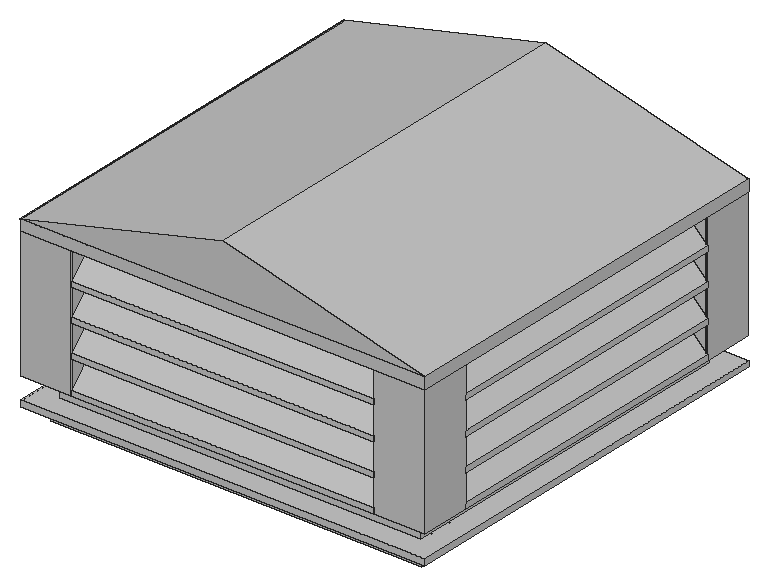
Revit family "Louver-Penthouse-Carnes-Post_Corner-PLAB", category Air Terminals, Revit 2012
Parameters (values of type "(See Type Catalog)")
  ecoScorecard_data = ""
  ecoScorecard Product Page = "http://ecoscorecard.com/"
  URL = "http://www.carnes.com/index.html"
  Subcategory = "Louvers and Dampers"
  Specifications  URL = "http://www.carnes.com/Louvers/pdf/17135.pdf"
  Single Blade Visibility = Louver Height = 10"  # no
  Roof Pitch = if([1 In 12 Pitched Roof], 4.76°, 14.04°)  # 14.04°
  Rectangular Length = no
  Product Page URL = "http://www.carnes.com/Louvers/PMAB-PLAB.htm"
  Product Line = "Extruded Aluminum Penthouses"
  Pressure Drop = 0.00 Pa
  Pitched Roof Visibility = or([1 In 12 Pitched Roof], [3 in 12 Pitched Roof])  # yes
  Outside Width [instance] = Louver Width + (1 1/2" * 2) + (3 1/4" * 2)  # 57 1/2"
  Outside Length [instance] = Length Control + (1 1/2" * 2) + (3 1/4" * 2)  # 57 1/2"
  Multiple Blades Visibility = Louver Height > 10"  # yes
  Model = "PLAB"
  Minimum Size = "12\"W x 12\"L x 10\"H"
  Meets Building Code Standards = "See Catalog URL"
  Maximum Size Note = "72\"W x 220\"L x 80\"H, unlimited size with multiple section assembly."
  Manufacturer Phone = "608-845-6411"
  Manufacturer Fax = "608-845-6470"
  Manufacturer Email = "mailto:carnes@carnes.com"
  Manufacturer Address = "448 S. Main St., P. O. Box 930040, Verona, WI 53593-0040"
  Manufacturer = "Carnes Company"
  Louver Width = 48"
  Louver Length = if(Rectangular Length, Custom Length, Louver Width)  # 48"
  Louver Height = 24"
  Height Note = "User should verify available heights in Spec Sheet URL"
  Free Area Note = "See Spec Sheet URL"
  Free Area = 0.00 SF
  Frame Material = Aluminum - Carnes - Extruded
  Flat Roof = no
  Description = "Extruded Aluminum Penthouses"
  Length Control = if(Rectangular Length, Custom Length, Louver Length)  # 48"
  Custom Length = 220"
  Cost Info = "mailto:carnes@carnes.com"
  Corners Covers Height = if(Louver Height - 1 1/2" - (Blades Quantity * 4 5/8") < 7/8", (Blades Quantity * 4 5/8" - 4 5/8"), (Blades Quantity * 4 5/8"))  # 18 1/2"
  Connector Description 1 = "Duct Connection 1"
  Catalog URL = "http://www.carnes.com/Louvers/pdf/f61-64.pdf"
  Blades Width = Louver Width + (1 1/2" * 2)  # 51"
  Blades Quantity Control = if(Louver Height = 10", 2, if(Louver Height - 1 1/2" - (Blades Quantity * 4 5/8") < 7/8", Blades Quantity - 1, Blades Quantity))  # 4
  Blades Quantity = (Louver Height - 1 1/2") / 4 5/8"  # 5
  Blades Length = Length Control + (1 1/2" * 2)  # 51"
  Blade Material = Aluminum - Carnes - Extruded
  Assembly Code = "D3090700"
  95 CSI = "10200"
  3 in 12 Pitched Roof = yes
  1 In 12 Pitched Roof = no
  04 CSI = "08 91 00"
Reference planes (in)
  plane 1 "Center (Front/Back)": y = 0
  plane 2: z = 0
  plane 3 "Center (Left/Right)": x = 0
  plane 4 "Right": x = 24
  plane 5: y = 24
  plane 6: z = 22.5
  plane 7 "Left": x = -24
  plane 8: y = -24
  plane 9: x = -25.5
  plane 10: x = 25.5
  plane 11: x = -28.75
  plane 12: x = 28.75
  plane 13: y = 25.5
  plane 14: y = -25.5
  plane 15: y = 28.75
  plane 16: y = -28.75
  plane 17: z = 24
Forms (in)
  Sweep 1, solid, material "Aluminum - Carnes - Extruded" <- "Frame Material"
    path origin (0, 0, 0) x (1, 0, 0) y (0, 1, 0)
      loop
        line (-24, 24) -> (-24, -24) -> (24, -24) -> (24, 24) -> (-24, 24)
    profile origin (24, 0, 0) x (1, 0, 0) y (0, 0, 1)
      loop
        line (0, 22.5) -> (0, 0) -> (2.25, 0) -> (2.25, -2) -> (2.375, -2) -> (2.375, 0.125) -> (1.75, 0.125) -> (1.75, 0.75) -> (4.625, 0.75) -> (4.625, 0) -> (4.75, 0) -> (4.75, 0.875) -> (1.625, 0.875) -> (1.625, 22.375) -> (4.75, 22.375) -> (4.75, 24) -> (4.625, 24) -> (4.625, 22.5) -> (0, 22.5)
  Sweep 2, solid, material "Aluminum - Carnes - Extruded" <- "Frame Material", visible <- "Pitched Roof Visibility"
    path origin (0, 0, 0) x (1, 0, 0) y (0, 1, 0)
      loop
        line (0, -28.75) -> (0, 28.75)
    profile origin (0, 0, 0) x (-1, 0, 0) y (0, 0, 1)
      loop
        line (28.75, 24) -> (0, 31.1895) -> (-28.75, 24) -> (28.75, 24)
  Sweep 3, solid, material "Aluminum - Carnes - Extruded" <- "Frame Material", visible <- "Flat Roof"
    path origin (0, 0, 0) x (1, 0, 0) y (0, 0, 1)
      loop
        line (0, 22.5) -> (0, 24)
    profile origin (0, 0, 23.25) x (-1, 0, 0) y (0, -1, 0)
      loop
        line (28.625, -28.625) -> (28.625, 28.625) -> (-28.625, 28.625) -> (-28.625, -28.625) -> (28.625, -28.625)
  Sweep 4, solid, material "Aluminum - Carnes - Extruded"
    path origin (0, 0, 0) x (1, 0, 0) y (0, 0, 1)
      loop
        line (0, 22.375) -> (0, 4)
    profile origin (0, 0, 13.1875) x (0, -1, 0) y (1, 0, 0)
      loop
        line (28.75, -28.75) -> (28.75, -21.5) -> (28.625, -21.5) -> (28.625, -28.625) -> (21.5, -28.625) -> (21.5, -28.75) -> (28.75, -28.75)
      loop
        line (-28.75, -28.75) -> (-21.5, -28.75) -> (-21.5, -28.625) -> (-28.625, -28.625) -> (-28.625, -21.5) -> (-28.75, -21.5) -> (-28.75, -28.75)
      loop
        line (-28.75, 28.75) -> (-28.75, 21.5) -> (-28.625, 21.5) -> (-28.625, 28.625) -> (-21.5, 28.625) -> (-21.5, 28.75) -> (-28.75, 28.75)
      loop
        line (28.75, 28.75) -> (21.5, 28.75) -> (21.5, 28.625) -> (28.625, 28.625) -> (28.625, 21.5) -> (28.75, 21.5) -> (28.75, 28.75)
      loop
        line (-21.5, -21.5) -> (-28.5, -21.5) -> (-28.5, -21.625) -> (-21.625, -21.625) -> (-21.625, -28.5) -> (-21.5, -28.5) -> (-21.5, -21.5)
      loop
        line (-21.5, 21.5) -> (-21.5, 28.5) -> (-21.625, 28.5) -> (-21.625, 21.625) -> (-28.5, 21.625) -> (-28.5, 21.5) -> (-21.5, 21.5)
      loop
        line (21.5, 21.5) -> (28.5, 21.5) -> (28.5, 21.625) -> (21.625, 21.625) -> (21.625, 28.5) -> (21.5, 28.5) -> (21.5, 21.5)
      loop
        line (21.5, -21.5) -> (21.5, -28.5) -> (21.625, -28.5) -> (21.625, -21.625) -> (28.5, -21.625) -> (28.5, -21.5) -> (21.5, -21.5)
Lines and regions (in)
  Masking region 1
    outline origin (0, 0, 0) x (1, 0, 0) y (0, 1, 0)
      loop
        line (-28.75, 28.75) -> (-28.75, -28.75) -> (28.75, -28.75) -> (28.75, 28.75) -> (-28.75, 28.75)
  reference lines
    curve 1: line (-28.75, 0, 24) -> (-7.33248, 0, 29.35587)
    curve 2: line (28.75, 0, 24) -> (7.33248, 0, 29.35587)
  symbolic lines, style "DuctAccessory", visible <- "Pitched Roof Visibility"
    curve 3: line (0, 28.75, 0) -> (0, -28.75, 0)
Dimensions and locks (in)
  equal spacing: plane 7 "Left", plane 3 "Center (Left/Right)", plane 4 "Right"
  "Louver Width": plane 7 "Left" to plane 4 "Right"
  equal spacing: plane 5, plane 1 "Center (Front/Back)", plane 8
  "Length Control": plane 5 to plane 8
  locked: plane 9 to plane 7 "Left" at 1.5
  locked: plane 4 "Right" to plane 10 at 1.5
  plane 13 to plane 5 = 1 1/2"
  plane 14 to plane 8 = 1 1/2"
  locked: plane 10 to Sweep 1 sketch curve at 0.125
  locked: plane 6 to Sweep 1 sketch curve at 0.125
  locked: Sweep 1 sketch curve to plane 12 at 0.125
  locked: plane 17 to plane 6 at 1.5
  "Louver Height": plane 17 to plane 2
  plane 4 "Right" to Sweep 1 sketch curve to Sweep 1 sketch curve = 2 1/4" locked, 1/8" locked
  Sweep 1 sketch curve to Sweep 1 sketch curve to plane 2 = 1/8" locked, 3/4" locked
  locked: plane 12 to Sweep 1 sketch curve at 0.125
  equal spacing: group 1, group 2, group 3, group 4  (x2)
  equal spacing: group 4, group 3, group 2, group 1
  locked: nested 1 to nested 2 at 4.625
  locked: Sweep 3 sketch curve to plane 16 at 0.125
  locked: Sweep 3 sketch curve to plane 12 at 0.125
  locked: plane 11 to Sweep 3 sketch curve at 0.125
  locked: plane 15 to Sweep 3 sketch curve at 0.125
  equal spacing: plane 11, plane 3 "Center (Left/Right)", plane 12
  "Outside Width": plane 11 to plane 12
  equal spacing: plane 15, plane 1 "Center (Front/Back)", plane 16
  "Outside Length": plane 15 to plane 16
  "Corners Covers Height": plane 6 to Sweep 4 sketch curve
  locked: plane 6 to Sweep 4 sketch curve at 0.125
  "Roof Pitch": angle plane 17 to curve 1
  "Roof Pitch": angle curve 2 to plane 17
  aligned and locked: Sweep 1 sketch curve to plane 7 "Left"
  aligned and locked: Sweep 1 sketch curve to plane 4 "Right"  (x2)
  aligned and locked: Sweep 1 sketch curve to plane 5
  aligned and locked: Sweep 1 sketch curve to plane 8
  aligned and locked: plane 2 to Sweep 1 sketch curve
  aligned and locked: Sweep 1 sketch curve to plane 6
  aligned and locked: plane 12 to Sweep 1 sketch curve  (x2)
  aligned and locked: Sweep 1 sketch curve to plane 2
  aligned and locked: Sweep 1 sketch curve to plane 17
  aligned and locked: plane 1 "Center (Front/Back)" to nested 1
  aligned and locked: nested 1 to plane 3 "Center (Left/Right)"
  aligned and locked: plane 6 to nested 1
  aligned and locked: plane 15 to Sweep 2 sketch curve
  aligned and locked: plane 16 to Sweep 2 sketch curve
  aligned and locked: Sweep 2 sketch curve to plane 3 "Center (Left/Right)"
  aligned and locked: Sweep 2 sketch curve to plane 17
  aligned and locked: plane 12 to Sweep 2 sketch curve
  aligned and locked: plane 6 to Sweep 3 sketch curve
  aligned and locked: plane 17 to Sweep 3 sketch curve
  aligned and locked: plane 3 "Center (Left/Right)" to Sweep 3 sketch curve
  aligned and locked: plane 11 to curve 1
  aligned and locked: plane 17 to curve 1
  aligned and locked: plane 12 to curve 2
  aligned and locked: curve 2 to plane 17
  aligned and locked: Sweep 2 sketch curve to curve 2
  aligned and locked: Sweep 2 sketch curve to curve 1
  aligned and locked: plane 11 to Masking region 1 sketch curve
  aligned and locked: Masking region 1 sketch curve to plane 12
  aligned and locked: plane 15 to curve 3
  aligned and locked: plane 16 to curve 3
  aligned and locked: curve 3 to plane 3 "Center (Left/Right)"
  aligned and locked: Sweep 4 sketch curve to plane 3 "Center (Left/Right)"
  aligned and locked: plane 1 "Center (Front/Back)" to nested 3
  aligned and locked: nested 3 to plane 3 "Center (Left/Right)"
  aligned and locked: plane 6 to nested 3
Automatic sketch dimensions
  Sweep 1 sketch curve to Sweep 1 sketch curve = 1/8"
  Sweep 1 sketch curve to level = 2"
  level to Sweep 1 sketch curve = 1/8"
  Masking region 1 sketch curve to plane 16 = 0"
  plane 15 to Masking region 1 sketch curve = 0"
  Sweep 4 sketch curve to plane 1 "Center (Front/Back)" = 28 3/4"  (x2)
  Sweep 4 sketch curve to Sweep 4 sketch curve = 1/8"  (x23)
  Sweep 4 sketch curve to Sweep 4 sketch curve = 6 7/8"  (x6)
  Sweep 4 sketch curve to Sweep 4 sketch curve = 0"  (x7)
  plane 1 "Center (Front/Back)" to Sweep 4 sketch curve = 21 1/2"  (x2)
  Sweep 4 sketch curve to Sweep 4 sketch curve = 7"  (x4)
  profile plane to Sweep 4 sketch curve = 28 3/4"  (x2)
  Sweep 4 sketch curve to profile plane = 21 1/2"  (x2)
Nested families (in)
  nested 1: "Louver-Penthouse-Carnes-Blade-Post_Corner.rfa" at (0, -0.375, 20.1875), visible <- "Multiple Blades Visibility", type "Standard"
  nested 2: "Louver-Penthouse-Carnes-Blade-Post_Corner.rfa" at (0, -0.375, 15.5625), visible <- "Multiple Blades Visibility", type "Standard"
  nested 3: "Louver-Penthouse-Carnes-Blade-Post_Corner.rfa" at (0, -0.375, 20.1875), type "Standard"
  nested 4: "Louver-Penthouse-Carnes-Blade-Post_Corner.rfa" at (0, -0.375, 10.9375), visible <- "Multiple Blades Visibility", type "Standard"
  nested 5: "Louver-Penthouse-Carnes-Blade-Post_Corner.rfa" at (0, -0.375, 6.3125), visible <- "Multiple Blades Visibility", type "Standard"
Connectors (in)
  hvac at (0, 0, 0), driven by "Length Control", driven by "Louver Width"
    settings: on Sweep 1, index 1, duct flow 0 CFM, flow factor 0, pres drop 0.00 Pa, loss coef 0, conn angle 0.00°, conn width 48", conn height 48", conn radius 12", duct sys type 1, conn prof type 1, flow config 0, flow direction 0, loss method 0, conn ref index -1, conn util no, is conn primary yes, conn desc ""
Definition of nested family "Louver-Penthouse-Carnes-Blade-Post_Corner.rfa"
  Parameters (values of type "Standard")
    Width = 51"
    Blade Material = Aluminum - Carnes - Extruded
    Length = 51"
    Assembly Code = ""
  Reference planes (in)
    plane 1 "Center (Front/Back)": y = 0.375
    plane 2: z = 0
    plane 3 "Center (Left/Right)": x = 0
    plane 4: y = 25.875
    plane 5: y = -25.125
    plane 6: z = 2.3125
    plane 7: z = -2.3125
    plane 8: x = -25.5
    plane 9: x = 25.5
  Forms (in)
    Sweep 1, solid, material "Aluminum - Carnes - Extruded" <- "Blade Material"
      path origin (0, 0, 0) x (1, 0, 0) y (0, 1, 0)
        loop
          line (-25.5, 25.875) -> (-25.5, -25.125) -> (25.5, -25.125) -> (25.5, 25.875) -> (-25.5, 25.875)
      profile origin (0, 25.875, 0) x (0, 1, 0) y (0, 0, 1)
        loop
          line (0, 2.3125) -> (0, 1.53125) -> (3.125, -1.59375) -> (3.125, -2.3125) -> (3.25, -2.3125) -> (3.25, -1.54197) -> (0.125, 1.58303) -> (0.125, 2.3125) -> (0, 2.3125)
    Sweep 2, void
      path origin (0, 0.375, 0) x (1, 0, 0) y (0, 0, 1)
        loop
          line (0, 8.6875) -> (0, -8.6875)
      profile origin (0, 0.375, 0) x (0, -1, 0) y (1, 0, 0)
        loop
          line (-29.5, -29.5) -> (-21.5, -29.5) -> (-21.5, -21.5) -> (-29.5, -21.5) -> (-29.5, -29.5)
        loop
          line (-29.5, 29.5) -> (-29.5, 21.5) -> (-21.5, 21.5) -> (-21.5, 29.5) -> (-29.5, 29.5)
        loop
          line (29.5, -29.5) -> (29.5, -21.5) -> (21.5, -21.5) -> (21.5, -29.5) -> (29.5, -29.5)
        loop
          line (29.5, 29.5) -> (21.5, 29.5) -> (21.5, 21.5) -> (29.5, 21.5) -> (29.5, 29.5)
  Cuts and joins
    Sweep 2 cuts Sweep 1
  Dimensions and locks (in)
    equal spacing: plane 7, plane 2, plane 6
    equal spacing: plane 8, plane 3 "Center (Left/Right)", plane 9
    "Width": plane 8 to plane 9
    equal spacing: plane 4, plane 1 "Center (Front/Back)", plane 5
    "Length": plane 4 to plane 5
    locked: plane 6 to plane 7 at 4.625
    Sweep 1 sketch curve to Sweep 1 sketch curve to plane 4 = 1/8" locked, 3 1/8" locked
    locked: Sweep 1 sketch curve to plane 4 at 0.125
    locked: Sweep 1 sketch curve to Sweep 1 sketch curve at 0.125
    equal spacing: Sweep 2 sketch curve, plane 2, Sweep 2 sketch curve, locked at 8.6875 each
    Sweep 2 sketch curve to plane 8 to Sweep 2 sketch curve = 4" locked, 4" locked  (x2)
    Sweep 2 sketch curve to plane 4 to Sweep 2 sketch curve = 4" locked, 4" locked  (x2)
    Sweep 2 sketch curve to plane 9 to Sweep 2 sketch curve = 4" locked, 4" locked  (x2)
    Sweep 2 sketch curve to plane 5 to Sweep 2 sketch curve = 4" locked, 4" locked  (x2)
    aligned and locked: plane 8 to Sweep 1 sketch curve
    aligned and locked: plane 4 to Sweep 1 sketch curve
    aligned and locked: Sweep 1 sketch curve to plane 9
    aligned and locked: plane 5 to Sweep 1 sketch curve
    aligned and locked: Sweep 1 sketch curve to plane 4
    aligned and locked: Sweep 1 sketch curve to plane 6
    aligned and locked: Sweep 1 sketch curve to plane 7
    aligned and locked: Sweep 2 sketch curve to plane 3 "Center (Left/Right)"
  Automatic sketch dimensions
    Sweep 1 sketch curve to Sweep 1 sketch curve = 0.05178"
    Sweep 1 sketch curve to Sweep 1 sketch curve = 23/32"
    plane 7 to Sweep 2 sketch curve = 6 3/8"
Types in the file's own list only (361): name | Louver Width | Louver Length | Louver Height | Free Area | Length Control | Corners Covers Height | Blades Width | Blades Quantity Control | Blades Quantity | Blades Length
  12 W x 12 H | 12" | 12" | 12" | 0.19 SF | 12" | 9 1/4" | 15" | 2 | 2 | 15"
  12 W x 18 H | 12" | 12" | 18" | 0.50 SF | 12" | 13 7/8" | 15" | 3 | 4 | 15"
  12 W x 24 H | 12" | 12" | 24" | 0.77 SF | 12" | 18 1/2" | 15" | 4 | 5 | 15"
  12 W x 30 H | 12" | 12" | 30" | 0.96 SF | 12" | 23 1/8" | 15" | 5 | 6 | 15"
  12 W x 36 H | 12" | 12" | 36" | 1.15 SF | 12" | 32 3/8" | 15" | 7 | 7 | 15"
  12 W x 42 H | 12" | 12" | 42" | 1.43 SF | 12" | 37" | 15" | 8 | 9 | 15"
  12 W x 48 H | 12" | 12" | 48" | 1.61 SF | 12" | 41 5/8" | 15" | 9 | 10 | 15"
  12 W x 54 H | 12" | 12" | 54" | 1.92 SF | 12" | 50 7/8" | 15" | 11 | 11 | 15"
  12 W x 60 H | 12" | 12" | 60" | 2.11 SF | 12" | 55 1/2" | 15" | 12 | 13 | 15"
  12 W x 66 H | 12" | 12" | 66" | 2.35 SF | 12" | 60 1/8" | 15" | 13 | 14 | 15"
  12 W x 72 H | 12" | 12" | 72" | 2.81 SF | 12" | 69 3/8" | 15" | 15 | 15 | 15"
  12 W x 78 H | 12" | 12" | 78" | 2.88 SF | 12" | 74" | 15" | 16 | 17 | 15"
  12 W x 84 H | 12" | 12" | 84" | 3.07 SF | 12" | 78 5/8" | 15" | 17 | 18 | 15"
  12 W x 90 H | 12" | 12" | 90" | 3.28 SF | 12" | 83 1/4" | 15" | 18 | 19 | 15"
  12 W x 96 H | 12" | 12" | 96" | 3.55 SF | 12" | 92 1/2" | 15" | 20 | 20 | 15"
  12 W x 102 H | 12" | 12" | 102" | 3.82 SF | 12" | 97 1/8" | 15" | 21 | 22 | 15"
  12 W x 108 H | 12" | 12" | 108" | 3.96 SF | 12" | 101 3/4" | 15" | 22 | 23 | 15"
  12 W x 114 H | 12" | 12" | 114" | 4.24 SF | 12" | 111" | 15" | 24 | 24 | 15"
  12 W x 120 H | 12" | 12" | 120" | 4.28 SF | 12" | 115 5/8" | 15" | 25 | 26 | 15"
  18 W x 12 H | 18" | 18" | 12" | 0.31 SF | 18" | 9 1/4" | 21" | 2 | 2 | 21"
  18 W x 18 H | 18" | 18" | 18" | 0.80 SF | 18" | 13 7/8" | 21" | 3 | 4 | 21"
  18 W x 24 H | 18" | 18" | 24" | 1.23 SF | 18" | 18 1/2" | 21" | 4 | 5 | 21"
  18 W x 30 H | 18" | 18" | 30" | 1.54 SF | 18" | 23 1/8" | 21" | 5 | 6 | 21"
  18 W x 36 H | 18" | 18" | 36" | 1.85 SF | 18" | 32 3/8" | 21" | 7 | 7 | 21"
  18 W x 42 H | 18" | 18" | 42" | 2.29 SF | 18" | 37" | 21" | 8 | 9 | 21"
  18 W x 48 H | 18" | 18" | 48" | 2.59 SF | 18" | 41 5/8" | 21" | 9 | 10 | 21"
  18 W x 54 H | 18" | 18" | 54" | 3.09 SF | 18" | 50 7/8" | 21" | 11 | 11 | 21"
  18 W x 60 H | 18" | 18" | 60" | 3.40 SF | 18" | 55 1/2" | 21" | 12 | 13 | 21"
  18 W x 66 H | 18" | 18" | 66" | 3.78 SF | 18" | 60 1/8" | 21" | 13 | 14 | 21"
  18 W x 72 H | 18" | 18" | 72" | 4.52 SF | 18" | 69 3/8" | 21" | 15 | 15 | 21"
  18 W x 78 H | 18" | 18" | 78" | 4.63 SF | 18" | 74" | 21" | 16 | 17 | 21"
  18 W x 84 H | 18" | 18" | 84" | 4.94 SF | 18" | 78 5/8" | 21" | 17 | 18 | 21"
  18 W x 90 H | 18" | 18" | 90" | 5.27 SF | 18" | 83 1/4" | 21" | 18 | 19 | 21"
  18 W x 96 H | 18" | 18" | 96" | 5.70 SF | 18" | 92 1/2" | 21" | 20 | 20 | 21"
  18 W x 102 H | 18" | 18" | 102" | 6.13 SF | 18" | 97 1/8" | 21" | 21 | 22 | 21"
  18 W x 108 H | 18" | 18" | 108" | 6.37 SF | 18" | 101 3/4" | 21" | 22 | 23 | 21"
  18 W x 114 H | 18" | 18" | 114" | 6.81 SF | 18" | 111" | 21" | 24 | 24 | 21"
  18 W x 120 H | 18" | 18" | 120" | 6.89 SF | 18" | 115 5/8" | 21" | 25 | 26 | 21"
  24 W x 12 H | 24" | 24" | 12" | 0.43 SF | 24" | 9 1/4" | 27" | 2 | 2 | 27"
  24 W x 18 H | 24" | 24" | 18" | 1.10 SF | 24" | 13 7/8" | 27" | 3 | 4 | 27"
  24 W x 24 H | 24" | 24" | 24" | 1.70 SF | 24" | 18 1/2" | 27" | 4 | 5 | 27"
  24 W x 30 H | 24" | 24" | 30" | 2.13 SF | 24" | 23 1/8" | 27" | 5 | 6 | 27"
  24 W x 36 H | 24" | 24" | 36" | 2.55 SF | 24" | 32 3/8" | 27" | 7 | 7 | 27"
  24 W x 42 H | 24" | 24" | 42" | 3.16 SF | 24" | 37" | 27" | 8 | 9 | 27"
  24 W x 48 H | 24" | 24" | 48" | 3.57 SF | 24" | 41 5/8" | 27" | 9 | 10 | 27"
  24 W x 54 H | 24" | 24" | 54" | 4.26 SF | 24" | 50 7/8" | 27" | 11 | 11 | 27"
  24 W x 60 H | 24" | 24" | 60" | 4.68 SF | 24" | 55 1/2" | 27" | 12 | 13 | 27"
  24 W x 66 H | 24" | 24" | 66" | 5.21 SF | 24" | 60 1/8" | 27" | 13 | 14 | 27"
  24 W x 72 H | 24" | 24" | 72" | 6.23 SF | 24" | 69 3/8" | 27" | 15 | 15 | 27"
  24 W x 78 H | 24" | 24" | 78" | 6.39 SF | 24" | 74" | 27" | 16 | 17 | 27"
  24 W x 84 H | 24" | 24" | 84" | 6.81 SF | 24" | 78 5/8" | 27" | 17 | 18 | 27"
  24 W x 90 H | 24" | 24" | 90" | 7.27 SF | 24" | 83 1/4" | 27" | 18 | 19 | 27"
  24 W x 96 H | 24" | 24" | 96" | 7.86 SF | 24" | 92 1/2" | 27" | 20 | 20 | 27"
  24 W x 102 H | 24" | 24" | 102" | 8.45 SF | 24" | 97 1/8" | 27" | 21 | 22 | 27"
  24 W x 108 H | 24" | 24" | 108" | 8.78 SF | 24" | 101 3/4" | 27" | 22 | 23 | 27"
  24 W x 114 H | 24" | 24" | 114" | 9.38 SF | 24" | 111" | 27" | 24 | 24 | 27"
  24 W x 120 H | 24" | 24" | 120" | 9.49 SF | 24" | 115 5/8" | 27" | 25 | 26 | 27"
  30 W x 12 H | 30" | 30" | 12" | 0.54 SF | 30" | 9 1/4" | 33" | 2 | 2 | 33"
  30 W x 18 H | 30" | 30" | 18" | 1.41 SF | 30" | 13 7/8" | 33" | 3 | 4 | 33"
  30 W x 24 H | 30" | 30" | 24" | 2.16 SF | 30" | 18 1/2" | 33" | 4 | 5 | 33"
  30 W x 30 H | 30" | 30" | 30" | 2.71 SF | 30" | 23 1/8" | 33" | 5 | 6 | 33"
  30 W x 36 H | 30" | 30" | 36" | 3.25 SF | 30" | 32 3/8" | 33" | 7 | 7 | 33"
  30 W x 42 H | 30" | 30" | 42" | 4.02 SF | 30" | 37" | 33" | 8 | 9 | 33"
  30 W x 48 H | 30" | 30" | 48" | 4.55 SF | 30" | 41 5/8" | 33" | 9 | 10 | 33"
  30 W x 54 H | 30" | 30" | 54" | 5.42 SF | 30" | 50 7/8" | 33" | 11 | 11 | 33"
  30 W x 60 H | 30" | 30" | 60" | 5.97 SF | 30" | 55 1/2" | 33" | 12 | 13 | 33"
  30 W x 66 H | 30" | 30" | 66" | 6.64 SF | 30" | 60 1/8" | 33" | 13 | 14 | 33"
  30 W x 72 H | 30" | 30" | 72" | 7.94 SF | 30" | 69 3/8" | 33" | 15 | 15 | 33"
  30 W x 78 H | 30" | 30" | 78" | 8.14 SF | 30" | 74" | 33" | 16 | 17 | 33"
  30 W x 84 H | 30" | 30" | 84" | 8.68 SF | 30" | 78 5/8" | 33" | 17 | 18 | 33"
  30 W x 90 H | 30" | 30" | 90" | 9.26 SF | 30" | 83 1/4" | 33" | 18 | 19 | 33"
  30 W x 96 H | 30" | 30" | 96" | 10.02 SF | 30" | 92 1/2" | 33" | 20 | 20 | 33"
  30 W x 102 H | 30" | 30" | 102" | 10.77 SF | 30" | 97 1/8" | 33" | 21 | 22 | 33"
  30 W x 108 H | 30" | 30" | 108" | 11.19 SF | 30" | 101 3/4" | 33" | 22 | 23 | 33"
  30 W x 114 H | 30" | 30" | 114" | 11.96 SF | 30" | 111" | 33" | 24 | 24 | 33"
  30 W x 120 H | 30" | 30" | 120" | 12.09 SF | 30" | 115 5/8" | 33" | 25 | 26 | 33"
  36 W x 12 H | 36" | 36" | 12" | 0.66 SF | 36" | 9 1/4" | 39" | 2 | 2 | 39"
  36 W x 18 H | 36" | 36" | 18" | 1.71 SF | 36" | 13 7/8" | 39" | 3 | 4 | 39"
  36 W x 24 H | 36" | 36" | 24" | 2.63 SF | 36" | 18 1/2" | 39" | 4 | 5 | 39"
  36 W x 30 H | 36" | 36" | 30" | 3.30 SF | 36" | 23 1/8" | 39" | 5 | 6 | 39"
  36 W x 36 H | 36" | 36" | 36" | 3.96 SF | 36" | 32 3/8" | 39" | 7 | 7 | 39"
  36 W x 42 H | 36" | 36" | 42" | 4.89 SF | 36" | 37" | 39" | 8 | 9 | 39"
  36 W x 48 H | 36" | 36" | 48" | 5.53 SF | 36" | 41 5/8" | 39" | 9 | 10 | 39"
  36 W x 54 H | 36" | 36" | 54" | 6.59 SF | 36" | 50 7/8" | 39" | 11 | 11 | 39"
  36 W x 60 H | 36" | 36" | 60" | 7.25 SF | 36" | 55 1/2" | 39" | 12 | 13 | 39"
  36 W x 66 H | 36" | 36" | 66" | 8.07 SF | 36" | 60 1/8" | 39" | 13 | 14 | 39"
  36 W x 72 H | 36" | 36" | 72" | 9.65 SF | 36" | 69 3/8" | 39" | 15 | 15 | 39"
  36 W x 78 H | 36" | 36" | 78" | 9.89 SF | 36" | 74" | 39" | 16 | 17 | 39"
  36 W x 84 H | 36" | 36" | 84" | 10.55 SF | 36" | 78 5/8" | 39" | 17 | 18 | 39"
  36 W x 90 H | 36" | 36" | 90" | 11.25 SF | 36" | 83 1/4" | 39" | 18 | 19 | 39"
  36 W x 96 H | 36" | 36" | 96" | 12.17 SF | 36" | 92 1/2" | 39" | 20 | 20 | 39"
  36 W x 102 H | 36" | 36" | 102" | 13.09 SF | 36" | 97 1/8" | 39" | 21 | 22 | 39"
  36 W x 108 H | 36" | 36" | 108" | 13.60 SF | 36" | 101 3/4" | 39" | 22 | 23 | 39"
  36 W x 114 H | 36" | 36" | 114" | 14.53 SF | 36" | 111" | 39" | 24 | 24 | 39"
  36 W x 120 H | 36" | 36" | 120" | 14.69 SF | 36" | 115 5/8" | 39" | 25 | 26 | 39"
  42 W x 12 H | 42" | 42" | 12" | 0.78 SF | 42" | 9 1/4" | 45" | 2 | 2 | 45"
  42 W x 18 H | 42" | 42" | 18" | 2.01 SF | 42" | 13 7/8" | 45" | 3 | 4 | 45"
  42 W x 24 H | 42" | 42" | 24" | 3.09 SF | 42" | 18 1/2" | 45" | 4 | 5 | 45"
  42 W x 30 H | 42" | 42" | 30" | 3.88 SF | 42" | 23 1/8" | 45" | 5 | 6 | 45"
  42 W x 36 H | 42" | 42" | 36" | 4.66 SF | 42" | 32 3/8" | 45" | 7 | 7 | 45"
  42 W x 42 H | 42" | 42" | 42" | 5.76 SF | 42" | 37" | 45" | 8 | 9 | 45"
  42 W x 48 H | 42" | 42" | 48" | 6.51 SF | 42" | 41 5/8" | 45" | 9 | 10 | 45"
  42 W x 54 H | 42" | 42" | 54" | 7.76 SF | 42" | 50 7/8" | 45" | 11 | 11 | 45"
  42 W x 60 H | 42" | 42" | 60" | 8.54 SF | 42" | 55 1/2" | 45" | 12 | 13 | 45"
  42 W x 66 H | 42" | 42" | 66" | 9.50 SF | 42" | 60 1/8" | 45" | 13 | 14 | 45"
  42 W x 72 H | 42" | 42" | 72" | 11.36 SF | 42" | 69 3/8" | 45" | 15 | 15 | 45"
  42 W x 78 H | 42" | 42" | 78" | 11.64 SF | 42" | 74" | 45" | 16 | 17 | 45"
  42 W x 84 H | 42" | 42" | 84" | 12.42 SF | 42" | 78 5/8" | 45" | 17 | 18 | 45"
  42 W x 90 H | 42" | 42" | 90" | 13.25 SF | 42" | 83 1/4" | 45" | 18 | 19 | 45"
  42 W x 96 H | 42" | 42" | 96" | 14.33 SF | 42" | 92 1/2" | 45" | 20 | 20 | 45"
  42 W x 102 H | 42" | 42" | 102" | 15.41 SF | 42" | 97 1/8" | 45" | 21 | 22 | 45"
  42 W x 108 H | 42" | 42" | 108" | 16.01 SF | 42" | 101 3/4" | 45" | 22 | 23 | 45"
  42 W x 114 H | 42" | 42" | 114" | 17.10 SF | 42" | 111" | 45" | 24 | 24 | 45"
  42 W x 120 H | 42" | 42" | 120" | 17.30 SF | 42" | 115 5/8" | 45" | 25 | 26 | 45"
  48 W x 12 H | 48" | 48" | 12" | 0.89 SF | 48" | 9 1/4" | 51" | 2 | 2 | 51"
  48 W x 18 H | 48" | 48" | 18" | 2.31 SF | 48" | 13 7/8" | 51" | 3 | 4 | 51"
  48 W x 24 H | 48" | 48" | 24" | 3.56 SF | 48" | 18 1/2" | 51" | 4 | 5 | 51"
  48 W x 30 H | 48" | 48" | 30" | 4.46 SF | 48" | 23 1/8" | 51" | 5 | 6 | 51"
  48 W x 36 H | 48" | 48" | 36" | 5.36 SF | 48" | 32 3/8" | 51" | 7 | 7 | 51"
  48 W x 42 H | 48" | 48" | 42" | 6.62 SF | 48" | 37" | 51" | 8 | 9 | 51"
  48 W x 48 H | 48" | 48" | 48" | 7.49 SF | 48" | 41 5/8" | 51" | 9 | 10 | 51"
  48 W x 54 H | 48" | 48" | 54" | 8.93 SF | 48" | 50 7/8" | 51" | 11 | 11 | 51"
  48 W x 60 H | 48" | 48" | 60" | 9.82 SF | 48" | 55 1/2" | 51" | 12 | 13 | 51"
  48 W x 66 H | 48" | 48" | 66" | 10.93 SF | 48" | 60 1/8" | 51" | 13 | 14 | 51"
  48 W x 72 H | 48" | 48" | 72" | 13.07 SF | 48" | 69 3/8" | 51" | 15 | 15 | 51"
  48 W x 78 H | 48" | 48" | 78" | 13.39 SF | 48" | 74" | 51" | 16 | 17 | 51"
  48 W x 84 H | 48" | 48" | 84" | 14.28 SF | 48" | 78 5/8" | 51" | 17 | 18 | 51"
  48 W x 90 H | 48" | 48" | 90" | 15.24 SF | 48" | 83 1/4" | 51" | 18 | 19 | 51"
  48 W x 96 H | 48" | 48" | 96" | 16.48 SF | 48" | 92 1/2" | 51" | 20 | 20 | 51"
  48 W x 102 H | 48" | 48" | 102" | 17.73 SF | 48" | 97 1/8" | 51" | 21 | 22 | 51"
  48 W x 108 H | 48" | 48" | 108" | 18.42 SF | 48" | 101 3/4" | 51" | 22 | 23 | 51"
  48 W x 114 H | 48" | 48" | 114" | 19.68 SF | 48" | 111" | 51" | 24 | 24 | 51"
  48 W x 120 H | 48" | 48" | 120" | 19.90 SF | 48" | 115 5/8" | 51" | 25 | 26 | 51"
  54 W x 12 H | 54" | 54" | 12" | 1.01 SF | 54" | 9 1/4" | 57" | 2 | 2 | 57"
  54 W x 18 H | 54" | 54" | 18" | 2.62 SF | 54" | 13 7/8" | 57" | 3 | 4 | 57"
  54 W x 24 H | 54" | 54" | 24" | 4.02 SF | 54" | 18 1/2" | 57" | 4 | 5 | 57"
  54 W x 30 H | 54" | 54" | 30" | 5.05 SF | 54" | 23 1/8" | 57" | 5 | 6 | 57"
  54 W x 36 H | 54" | 54" | 36" | 6.06 SF | 54" | 32 3/8" | 57" | 7 | 7 | 57"
  54 W x 42 H | 54" | 54" | 42" | 7.49 SF | 54" | 37" | 57" | 8 | 9 | 57"
  54 W x 48 H | 54" | 54" | 48" | 8.47 SF | 54" | 41 5/8" | 57" | 9 | 10 | 57"
  54 W x 54 H | 54" | 54" | 54" | 10.10 SF | 54" | 50 7/8" | 57" | 11 | 11 | 57"
  54 W x 60 H | 54" | 54" | 60" | 11.11 SF | 54" | 55 1/2" | 57" | 12 | 13 | 57"
  54 W x 66 H | 54" | 54" | 66" | 12.36 SF | 54" | 60 1/8" | 57" | 13 | 14 | 57"
  54 W x 72 H | 54" | 54" | 72" | 14.78 SF | 54" | 69 3/8" | 57" | 15 | 15 | 57"
  54 W x 78 H | 54" | 54" | 78" | 15.14 SF | 54" | 74" | 57" | 16 | 17 | 57"
  54 W x 84 H | 54" | 54" | 84" | 16.15 SF | 54" | 78 5/8" | 57" | 17 | 18 | 57"
  54 W x 90 H | 54" | 54" | 90" | 17.23 SF | 54" | 83 1/4" | 57" | 18 | 19 | 57"
  54 W x 96 H | 54" | 54" | 96" | 18.64 SF | 54" | 92 1/2" | 57" | 20 | 20 | 57"
  54 W x 102 H | 54" | 54" | 102" | 20.05 SF | 54" | 97 1/8" | 57" | 21 | 22 | 57"
  54 W x 108 H | 54" | 54" | 108" | 20.82 SF | 54" | 101 3/4" | 57" | 22 | 23 | 57"
  54 W x 114 H | 54" | 54" | 114" | 22.25 SF | 54" | 111" | 57" | 24 | 24 | 57"
  54 W x 120 H | 54" | 54" | 120" | 22.50 SF | 54" | 115 5/8" | 57" | 25 | 26 | 57"
  60 W x 12 H | 60" | 60" | 12" | 1.13 SF | 60" | 9 1/4" | 63" | 2 | 2 | 63"
  60 W x 18 H | 60" | 60" | 18" | 2.92 SF | 60" | 13 7/8" | 63" | 3 | 4 | 63"
  60 W x 24 H | 60" | 60" | 24" | 4.49 SF | 60" | 18 1/2" | 63" | 4 | 5 | 63"
  60 W x 30 H | 60" | 60" | 30" | 5.63 SF | 60" | 23 1/8" | 63" | 5 | 6 | 63"
  60 W x 36 H | 60" | 60" | 36" | 6.76 SF | 60" | 32 3/8" | 63" | 7 | 7 | 63"
  60 W x 42 H | 60" | 60" | 42" | 8.36 SF | 60" | 37" | 63" | 8 | 9 | 63"
  60 W x 48 H | 60" | 60" | 48" | 9.45 SF | 60" | 41 5/8" | 63" | 9 | 10 | 63"
  60 W x 54 H | 60" | 60" | 54" | 11.26 SF | 60" | 50 7/8" | 63" | 11 | 11 | 63"
  60 W x 60 H | 60" | 60" | 60" | 12.39 SF | 60" | 55 1/2" | 63" | 12 | 13 | 63"
  60 W x 66 H | 60" | 60" | 66" | 13.79 SF | 60" | 60 1/8" | 63" | 13 | 14 | 63"
  60 W x 72 H | 60" | 60" | 72" | 16.49 SF | 60" | 69 3/8" | 63" | 15 | 15 | 63"
  60 W x 78 H | 60" | 60" | 78" | 16.90 SF | 60" | 74" | 63" | 16 | 17 | 63"
  60 W x 84 H | 60" | 60" | 84" | 18.02 SF | 60" | 78 5/8" | 63" | 17 | 18 | 63"
  60 W x 90 H | 60" | 60" | 90" | 19.23 SF | 60" | 83 1/4" | 63" | 18 | 19 | 63"
  60 W x 96 H | 60" | 60" | 96" | 20.80 SF | 60" | 92 1/2" | 63" | 20 | 20 | 63"
  60 W x 102 H | 60" | 60" | 102" | 22.36 SF | 60" | 97 1/8" | 63" | 21 | 22 | 63"
  60 W x 108 H | 60" | 60" | 108" | 23.23 SF | 60" | 101 3/4" | 63" | 22 | 23 | 63"
  60 W x 114 H | 60" | 60" | 114" | 24.82 SF | 60" | 111" | 63" | 24 | 24 | 63"
  60 W x 120 H | 60" | 60" | 120" | 25.10 SF | 60" | 115 5/8" | 63" | 25 | 26 | 63"
  66 W x 12 H | 66" | 66" | 12" | 1.24 SF | 66" | 9 1/4" | 69" | 2 | 2 | 69"
  66 W x 18 H | 66" | 66" | 18" | 3.22 SF | 66" | 13 7/8" | 69" | 3 | 4 | 69"
  66 W x 24 H | 66" | 66" | 24" | 4.96 SF | 66" | 18 1/2" | 69" | 4 | 5 | 69"
  66 W x 30 H | 66" | 66" | 30" | 6.22 SF | 66" | 23 1/8" | 69" | 5 | 6 | 69"
  66 W x 36 H | 66" | 66" | 36" | 7.46 SF | 66" | 32 3/8" | 69" | 7 | 7 | 69"
  66 W x 42 H | 66" | 66" | 42" | 9.22 SF | 66" | 37" | 69" | 8 | 9 | 69"
  66 W x 48 H | 66" | 66" | 48" | 10.43 SF | 66" | 41 5/8" | 69" | 9 | 10 | 69"
  66 W x 54 H | 66" | 66" | 54" | 12.43 SF | 66" | 50 7/8" | 69" | 11 | 11 | 69"
  66 W x 60 H | 66" | 66" | 60" | 13.67 SF | 66" | 55 1/2" | 69" | 12 | 13 | 69"
  66 W x 66 H | 66" | 66" | 66" | 15.22 SF | 66" | 60 1/8" | 69" | 13 | 14 | 69"
  66 W x 72 H | 66" | 66" | 72" | 18.20 SF | 66" | 69 3/8" | 69" | 15 | 15 | 69"
  66 W x 78 H | 66" | 66" | 78" | 18.65 SF | 66" | 74" | 69" | 16 | 17 | 69"
  66 W x 84 H | 66" | 66" | 84" | 19.89 SF | 66" | 78 5/8" | 69" | 17 | 18 | 69"
  66 W x 90 H | 66" | 66" | 90" | 21.22 SF | 66" | 83 1/4" | 69" | 18 | 19 | 69"
  66 W x 96 H | 66" | 66" | 96" | 22.95 SF | 66" | 92 1/2" | 69" | 20 | 20 | 69"
  66 W x 102 H | 66" | 66" | 102" | 24.68 SF | 66" | 97 1/8" | 69" | 21 | 22 | 69"
  66 W x 108 H | 66" | 66" | 108" | 25.64 SF | 66" | 101 3/4" | 69" | 22 | 23 | 69"
  66 W x 114 H | 66" | 66" | 114" | 27.40 SF | 66" | 111" | 69" | 24 | 24 | 69"
  66 W x 120 H | 66" | 66" | 120" | 27.71 SF | 66" | 115 5/8" | 69" | 25 | 26 | 69"
  72 W x 12 H | 72" | 72" | 12" | 1.36 SF | 72" | 9 1/4" | 75" | 2 | 2 | 75"
  72 W x 18 H | 72" | 72" | 18" | 3.53 SF | 72" | 13 7/8" | 75" | 3 | 4 | 75"
  72 W x 24 H | 72" | 72" | 24" | 5.42 SF | 72" | 18 1/2" | 75" | 4 | 5 | 75"
  72 W x 30 H | 72" | 72" | 30" | 6.80 SF | 72" | 23 1/8" | 75" | 5 | 6 | 75"
  72 W x 36 H | 72" | 72" | 36" | 8.16 SF | 72" | 32 3/8" | 75" | 7 | 7 | 75"
  72 W x 42 H | 72" | 72" | 42" | 10.09 SF | 72" | 37" | 75" | 8 | 9 | 75"
  72 W x 48 H | 72" | 72" | 48" | 11.41 SF | 72" | 41 5/8" | 75" | 9 | 10 | 75"
  72 W x 54 H | 72" | 72" | 54" | 13.60 SF | 72" | 50 7/8" | 75" | 11 | 11 | 75"
  72 W x 60 H | 72" | 72" | 60" | 14.96 SF | 72" | 55 1/2" | 75" | 12 | 13 | 75"
  72 W x 66 H | 72" | 72" | 66" | 16.65 SF | 72" | 60 1/8" | 75" | 13 | 14 | 75"
  72 W x 72 H | 72" | 72" | 72" | 19.90 SF | 72" | 69 3/8" | 75" | 15 | 15 | 75"
  72 W x 78 H | 72" | 72" | 78" | 20.40 SF | 72" | 74" | 75" | 16 | 17 | 75"
  72 W x 84 H | 72" | 72" | 84" | 21.76 SF | 72" | 78 5/8" | 75" | 17 | 18 | 75"
  72 W x 90 H | 72" | 72" | 90" | 23.21 SF | 72" | 83 1/4" | 75" | 18 | 19 | 75"
  72 W x 96 H | 72" | 72" | 96" | 25.11 SF | 72" | 92 1/2" | 75" | 20 | 20 | 75"
  72 W x 102 H | 72" | 72" | 102" | 27.00 SF | 72" | 97 1/8" | 75" | 21 | 22 | 75"
  72 W x 108 H | 72" | 72" | 108" | 28.05 SF | 72" | 101 3/4" | 75" | 22 | 23 | 75"
  72 W x 114 H | 72" | 72" | 114" | 29.97 SF | 72" | 111" | 75" | 24 | 24 | 75"
  72 W x 120 H | 72" | 72" | 120" | 30.31 SF | 72" | 115 5/8" | 75" | 25 | 26 | 75"
  78 W x 12 H | 78" | 78" | 12" | 1.48 SF | 78" | 9 1/4" | 81" | 2 | 2 | 81"
  78 W x 18 H | 78" | 78" | 18" | 3.83 SF | 78" | 13 7/8" | 81" | 3 | 4 | 81"
  78 W x 24 H | 78" | 78" | 24" | 5.89 SF | 78" | 18 1/2" | 81" | 4 | 5 | 81"
  78 W x 30 H | 78" | 78" | 30" | 7.38 SF | 78" | 23 1/8" | 81" | 5 | 6 | 81"
  78 W x 36 H | 78" | 78" | 36" | 8.86 SF | 78" | 32 3/8" | 81" | 7 | 7 | 81"
  78 W x 42 H | 78" | 78" | 42" | 10.95 SF | 78" | 37" | 81" | 8 | 9 | 81"
  78 W x 48 H | 78" | 78" | 48" | 12.39 SF | 78" | 41 5/8" | 81" | 9 | 10 | 81"
  78 W x 54 H | 78" | 78" | 54" | 14.77 SF | 78" | 50 7/8" | 81" | 11 | 11 | 81"
  78 W x 60 H | 78" | 78" | 60" | 16.24 SF | 78" | 55 1/2" | 81" | 12 | 13 | 81"
  78 W x 66 H | 78" | 78" | 66" | 18.08 SF | 78" | 60 1/8" | 81" | 13 | 14 | 81"
  78 W x 72 H | 78" | 78" | 72" | 21.61 SF | 78" | 69 3/8" | 81" | 15 | 15 | 81"
  78 W x 78 H | 78" | 78" | 78" | 22.15 SF | 78" | 74" | 81" | 16 | 17 | 81"
  78 W x 84 H | 78" | 78" | 84" | 23.63 SF | 78" | 78 5/8" | 81" | 17 | 18 | 81"
  78 W x 90 H | 78" | 78" | 90" | 25.21 SF | 78" | 83 1/4" | 81" | 18 | 19 | 81"
  78 W x 96 H | 78" | 78" | 96" | 27.26 SF | 78" | 92 1/2" | 81" | 20 | 20 | 81"
  78 W x 102 H | 78" | 78" | 102" | 29.32 SF | 78" | 97 1/8" | 81" | 21 | 22 | 81"
  78 W x 108 H | 78" | 78" | 108" | 30.46 SF | 78" | 101 3/4" | 81" | 22 | 23 | 81"
  78 W x 114 H | 78" | 78" | 114" | 32.54 SF | 78" | 111" | 81" | 24 | 24 | 81"
  78 W x 120 H | 78" | 78" | 120" | 32.91 SF | 78" | 115 5/8" | 81" | 25 | 26 | 81"
  84 W x 12 H | 84" | 84" | 12" | 1.59 SF | 84" | 9 1/4" | 87" | 2 | 2 | 87"
  84 W x 18 H | 84" | 84" | 18" | 4.13 SF | 84" | 13 7/8" | 87" | 3 | 4 | 87"
  84 W x 24 H | 84" | 84" | 24" | 6.35 SF | 84" | 18 1/2" | 87" | 4 | 5 | 87"
  84 W x 30 H | 84" | 84" | 30" | 7.97 SF | 84" | 23 1/8" | 87" | 5 | 6 | 87"
  84 W x 36 H | 84" | 84" | 36" | 9.56 SF | 84" | 32 3/8" | 87" | 7 | 7 | 87"
  84 W x 42 H | 84" | 84" | 42" | 11.82 SF | 84" | 37" | 87" | 8 | 9 | 87"
  84 W x 48 H | 84" | 84" | 48" | 13.37 SF | 84" | 41 5/8" | 87" | 9 | 10 | 87"
  84 W x 54 H | 84" | 84" | 54" | 15.93 SF | 84" | 50 7/8" | 87" | 11 | 11 | 87"
  84 W x 60 H | 84" | 84" | 60" | 17.53 SF | 84" | 55 1/2" | 87" | 12 | 13 | 87"
  84 W x 66 H | 84" | 84" | 66" | 19.51 SF | 84" | 60 1/8" | 87" | 13 | 14 | 87"
  84 W x 72 H | 84" | 84" | 72" | 23.32 SF | 84" | 69 3/8" | 87" | 15 | 15 | 87"
  84 W x 78 H | 84" | 84" | 78" | 23.90 SF | 84" | 74" | 87" | 16 | 17 | 87"
  84 W x 84 H | 84" | 84" | 84" | 25.49 SF | 84" | 78 5/8" | 87" | 17 | 18 | 87"
  84 W x 90 H | 84" | 84" | 90" | 27.20 SF | 84" | 83 1/4" | 87" | 18 | 19 | 87"
  84 W x 96 H | 84" | 84" | 96" | 29.42 SF | 84" | 92 1/2" | 87" | 20 | 20 | 87"
  84 W x 102 H | 84" | 84" | 102" | 31.64 SF | 84" | 97 1/8" | 87" | 21 | 22 | 87"
  84 W x 108 H | 84" | 84" | 108" | 32.87 SF | 84" | 101 3/4" | 87" | 22 | 23 | 87"
  84 W x 114 H | 84" | 84" | 114" | 35.12 SF | 84" | 111" | 87" | 24 | 24 | 87"
  84 W x 120 H | 84" | 84" | 120" | 35.51 SF | 84" | 115 5/8" | 87" | 25 | 26 | 87"
  90 W x 12 H | 90" | 90" | 12" | 1.71 SF | 90" | 9 1/4" | 93" | 2 | 2 | 93"
  90 W x 18 H | 90" | 90" | 18" | 4.43 SF | 90" | 13 7/8" | 93" | 3 | 4 | 93"
  90 W x 24 H | 90" | 90" | 24" | 6.82 SF | 90" | 18 1/2" | 93" | 4 | 5 | 93"
  90 W x 30 H | 90" | 90" | 30" | 8.55 SF | 90" | 23 1/8" | 93" | 5 | 6 | 93"
  90 W x 36 H | 90" | 90" | 36" | 10.26 SF | 90" | 32 3/8" | 93" | 7 | 7 | 93"
  90 W x 42 H | 90" | 90" | 42" | 12.69 SF | 90" | 37" | 93" | 8 | 9 | 93"
  90 W x 48 H | 90" | 90" | 48" | 14.35 SF | 90" | 41 5/8" | 93" | 9 | 10 | 93"
  90 W x 54 H | 90" | 90" | 54" | 17.10 SF | 90" | 50 7/8" | 93" | 11 | 11 | 93"
  90 W x 60 H | 90" | 90" | 60" | 18.81 SF | 90" | 55 1/2" | 93" | 12 | 13 | 93"
  90 W x 66 H | 90" | 90" | 66" | 20.94 SF | 90" | 60 1/8" | 93" | 13 | 14 | 93"
  90 W x 72 H | 90" | 90" | 72" | 25.03 SF | 90" | 69 3/8" | 93" | 15 | 15 | 93"
  90 W x 78 H | 90" | 90" | 78" | 25.65 SF | 90" | 74" | 93" | 16 | 17 | 93"
  90 W x 84 H | 90" | 90" | 84" | 27.36 SF | 90" | 78 5/8" | 93" | 17 | 18 | 93"
  90 W x 90 H | 90" | 90" | 90" | 29.19 SF | 90" | 83 1/4" | 93" | 18 | 19 | 93"
  90 W x 96 H | 90" | 90" | 96" | 31.57 SF | 90" | 92 1/2" | 93" | 20 | 20 | 93"
  90 W x 102 H | 90" | 90" | 102" | 33.96 SF | 90" | 97 1/8" | 93" | 21 | 22 | 93"
  90 W x 108 H | 90" | 90" | 108" | 35.28 SF | 90" | 101 3/4" | 93" | 22 | 23 | 93"
  90 W x 114 H | 90" | 90" | 114" | 37.69 SF | 90" | 111" | 93" | 24 | 24 | 93"
  90 W x 120 H | 90" | 90" | 120" | 38.12 SF | 90" | 115 5/8" | 93" | 25 | 26 | 93"
  96 W x 12 H | 96" | 96" | 12" | 1.83 SF | 96" | 9 1/4" | 99" | 2 | 2 | 99"
  96 W x 18 H | 96" | 96" | 18" | 4.74 SF | 96" | 13 7/8" | 99" | 3 | 4 | 99"
  96 W x 24 H | 96" | 96" | 24" | 7.28 SF | 96" | 18 1/2" | 99" | 4 | 5 | 99"
  96 W x 30 H | 96" | 96" | 30" | 9.13 SF | 96" | 23 1/8" | 99" | 5 | 6 | 99"
  96 W x 36 H | 96" | 96" | 36" | 10.96 SF | 96" | 32 3/8" | 99" | 7 | 7 | 99"
  96 W x 42 H | 96" | 96" | 42" | 13.55 SF | 96" | 37" | 99" | 8 | 9 | 99"
  96 W x 48 H | 96" | 96" | 48" | 15.33 SF | 96" | 41 5/8" | 99" | 9 | 10 | 99"
  96 W x 54 H | 96" | 96" | 54" | 18.27 SF | 96" | 50 7/8" | 99" | 11 | 11 | 99"
  96 W x 60 H | 96" | 96" | 60" | 20.10 SF | 96" | 55 1/2" | 99" | 12 | 13 | 99"
  96 W x 66 H | 96" | 96" | 66" | 22.37 SF | 96" | 60 1/8" | 99" | 13 | 14 | 99"
  96 W x 72 H | 96" | 96" | 72" | 26.74 SF | 96" | 69 3/8" | 99" | 15 | 15 | 99"
  96 W x 78 H | 96" | 96" | 78" | 27.40 SF | 96" | 74" | 99" | 16 | 17 | 99"
  96 W x 84 H | 96" | 96" | 84" | 29.23 SF | 96" | 78 5/8" | 99" | 17 | 18 | 99"
  96 W x 90 H | 96" | 96" | 90" | 31.18 SF | 96" | 83 1/4" | 99" | 18 | 19 | 99"
  96 W x 96 H | 96" | 96" | 96" | 33.73 SF | 96" | 92 1/2" | 99" | 20 | 20 | 99"
  96 W x 102 H | 96" | 96" | 102" | 36.28 SF | 96" | 97 1/8" | 99" | 21 | 22 | 99"
  96 W x 108 H | 96" | 96" | 108" | 37.68 SF | 96" | 101 3/4" | 99" | 22 | 23 | 99"
  96 W x 114 H | 96" | 96" | 114" | 40.26 SF | 96" | 111" | 99" | 24 | 24 | 99"
  96 W x 120 H | 96" | 96" | 120" | 40.72 SF | 96" | 115 5/8" | 99" | 25 | 26 | 99"
  102 W x 12 H | 102" | 102" | 12" | 1.94 SF | 102" | 9 1/4" | 105" | 2 | 2 | 105"
  102 W x 18 H | 102" | 102" | 18" | 5.04 SF | 102" | 13 7/8" | 105" | 3 | 4 | 105"
  102 W x 24 H | 102" | 102" | 24" | 7.75 SF | 102" | 18 1/2" | 105" | 4 | 5 | 105"
  102 W x 30 H | 102" | 102" | 30" | 9.72 SF | 102" | 23 1/8" | 105" | 5 | 6 | 105"
  102 W x 36 H | 102" | 102" | 36" | 11.66 SF | 102" | 32 3/8" | 105" | 7 | 7 | 105"
  102 W x 42 H | 102" | 102" | 42" | 14.42 SF | 102" | 37" | 105" | 8 | 9 | 105"
  102 W x 48 H | 102" | 102" | 48" | 16.31 SF | 102" | 41 5/8" | 105" | 9 | 10 | 105"
  102 W x 54 H | 102" | 102" | 54" | 19.44 SF | 102" | 50 7/8" | 105" | 11 | 11 | 105"
  102 W x 60 H | 102" | 102" | 60" | 21.38 SF | 102" | 55 1/2" | 105" | 12 | 13 | 105"
  102 W x 66 H | 102" | 102" | 66" | 23.80 SF | 102" | 60 1/8" | 105" | 13 | 14 | 105"
  102 W x 72 H | 102" | 102" | 72" | 28.45 SF | 102" | 69 3/8" | 105" | 15 | 15 | 105"
  102 W x 78 H | 102" | 102" | 78" | 29.16 SF | 102" | 74" | 105" | 16 | 17 | 105"
  102 W x 84 H | 102" | 102" | 84" | 31.10 SF | 102" | 78 5/8" | 105" | 17 | 18 | 105"
  102 W x 90 H | 102" | 102" | 90" | 33.18 SF | 102" | 83 1/4" | 105" | 18 | 19 | 105"
  102 W x 96 H | 102" | 102" | 96" | 35.89 SF | 102" | 92 1/2" | 105" | 20 | 20 | 105"
  102 W x 102 H | 102" | 102" | 102" | 38.59 SF | 102" | 97 1/8" | 105" | 21 | 22 | 105"
  102 W x 108 H | 102" | 102" | 108" | 40.09 SF | 102" | 101 3/4" | 105" | 22 | 23 | 105"
  102 W x 114 H | 102" | 102" | 114" | 42.84 SF | 102" | 111" | 105" | 24 | 24 | 105"
  102 W x 120 H | 102" | 102" | 120" | 43.32 SF | 102" | 115 5/8" | 105" | 25 | 26 | 105"
  108 W x 12 H | 108" | 108" | 12" | 2.06 SF | 108" | 9 1/4" | 111" | 2 | 2 | 111"
  108 W x 18 H | 108" | 108" | 18" | 5.34 SF | 108" | 13 7/8" | 111" | 3 | 4 | 111"
  108 W x 24 H | 108" | 108" | 24" | 8.21 SF | 108" | 18 1/2" | 111" | 4 | 5 | 111"
  108 W x 30 H | 108" | 108" | 30" | 10.30 SF | 108" | 23 1/8" | 111" | 5 | 6 | 111"
  108 W x 36 H | 108" | 108" | 36" | 12.36 SF | 108" | 32 3/8" | 111" | 7 | 7 | 111"
  108 W x 42 H | 108" | 108" | 42" | 15.29 SF | 108" | 37" | 111" | 8 | 9 | 111"
  108 W x 48 H | 108" | 108" | 48" | 17.29 SF | 108" | 41 5/8" | 111" | 9 | 10 | 111"
  108 W x 54 H | 108" | 108" | 54" | 20.61 SF | 108" | 50 7/8" | 111" | 11 | 11 | 111"
  108 W x 60 H | 108" | 108" | 60" | 22.67 SF | 108" | 55 1/2" | 111" | 12 | 13 | 111"
  108 W x 66 H | 108" | 108" | 66" | 25.23 SF | 108" | 60 1/8" | 111" | 13 | 14 | 111"
  108 W x 72 H | 108" | 108" | 72" | 30.16 SF | 108" | 69 3/8" | 111" | 15 | 15 | 111"
  108 W x 78 H | 108" | 108" | 78" | 30.91 SF | 108" | 74" | 111" | 16 | 17 | 111"
  108 W x 84 H | 108" | 108" | 84" | 32.97 SF | 108" | 78 5/8" | 111" | 17 | 18 | 111"
  108 W x 90 H | 108" | 108" | 90" | 35.17 SF | 108" | 83 1/4" | 111" | 18 | 19 | 111"
  108 W x 96 H | 108" | 108" | 96" | 38.04 SF | 108" | 92 1/2" | 111" | 20 | 20 | 111"
  108 W x 102 H | 108" | 108" | 102" | 40.91 SF | 108" | 97 1/8" | 111" | 21 | 22 | 111"
  108 W x 108 H | 108" | 108" | 108" | 42.50 SF | 108" | 101 3/4" | 111" | 22 | 23 | 111"
  108 W x 114 H | 108" | 108" | 114" | 45.41 SF | 108" | 111" | 111" | 24 | 24 | 111"
  108 W x 120 H | 108" | 108" | 120" | 45.92 SF | 108" | 115 5/8" | 111" | 25 | 26 | 111"
  114 W x 12 H | 114" | 114" | 12" | 2.18 SF | 114" | 9 1/4" | 117" | 2 | 2 | 117"
  114 W x 18 H | 114" | 114" | 18" | 5.65 SF | 114" | 13 7/8" | 117" | 3 | 4 | 117"
  114 W x 24 H | 114" | 114" | 24" | 8.68 SF | 114" | 18 1/2" | 117" | 4 | 5 | 117"
  114 W x 30 H | 114" | 114" | 30" | 10.89 SF | 114" | 23 1/8" | 117" | 5 | 6 | 117"
  114 W x 36 H | 114" | 114" | 36" | 13.06 SF | 114" | 32 3/8" | 117" | 7 | 7 | 117"
  114 W x 42 H | 114" | 114" | 42" | 16.15 SF | 114" | 37" | 117" | 8 | 9 | 117"
  114 W x 48 H | 114" | 114" | 48" | 18.27 SF | 114" | 41 5/8" | 117" | 9 | 10 | 117"
  114 W x 54 H | 114" | 114" | 54" | 21.77 SF | 114" | 50 7/8" | 117" | 11 | 11 | 117"
  114 W x 60 H | 114" | 114" | 60" | 23.95 SF | 114" | 55 1/2" | 117" | 12 | 13 | 117"
  114 W x 66 H | 114" | 114" | 66" | 26.66 SF | 114" | 60 1/8" | 117" | 13 | 14 | 117"
  114 W x 72 H | 114" | 114" | 72" | 31.87 SF | 114" | 69 3/8" | 117" | 15 | 15 | 117"
  114 W x 78 H | 114" | 114" | 78" | 32.66 SF | 114" | 74" | 117" | 16 | 17 | 117"
  114 W x 84 H | 114" | 114" | 84" | 34.84 SF | 114" | 78 5/8" | 117" | 17 | 18 | 117"
  114 W x 90 H | 114" | 114" | 90" | 37.16 SF | 114" | 83 1/4" | 117" | 18 | 19 | 117"
  114 W x 96 H | 114" | 114" | 96" | 40.20 SF | 114" | 92 1/2" | 117" | 20 | 20 | 117"
  114 W x 102 H | 114" | 114" | 102" | 43.23 SF | 114" | 97 1/8" | 117" | 21 | 22 | 117"
  114 W x 108 H | 114" | 114" | 108" | 44.91 SF | 114" | 101 3/4" | 117" | 22 | 23 | 117"
  114 W x 114 H | 114" | 114" | 114" | 47.98 SF | 114" | 111" | 117" | 24 | 24 | 117"
  114 W x 120 H | 114" | 114" | 120" | 48.53 SF | 114" | 115 5/8" | 117" | 25 | 26 | 117"
  120 W x 12 H | 120" | 120" | 12" | 2.29 SF | 120" | 9 1/4" | 123" | 2 | 2 | 123"
  120 W x 18 H | 120" | 120" | 18" | 5.95 SF | 120" | 13 7/8" | 123" | 3 | 4 | 123"
  120 W x 24 H | 120" | 120" | 24" | 9.14 SF | 120" | 18 1/2" | 123" | 4 | 5 | 123"
  120 W x 30 H | 120" | 120" | 30" | 11.47 SF | 120" | 23 1/8" | 123" | 5 | 6 | 123"
  120 W x 36 H | 120" | 120" | 36" | 13.76 SF | 120" | 32 3/8" | 123" | 7 | 7 | 123"
  120 W x 42 H | 120" | 120" | 42" | 17.02 SF | 120" | 37" | 123" | 8 | 9 | 123"
  120 W x 48 H | 120" | 120" | 48" | 19.25 SF | 120" | 41 5/8" | 123" | 9 | 10 | 123"
  120 W x 54 H | 120" | 120" | 54" | 22.94 SF | 120" | 50 7/8" | 123" | 11 | 11 | 123"
  120 W x 60 H | 120" | 120" | 60" | 25.23 SF | 120" | 55 1/2" | 123" | 12 | 13 | 123"
  120 W x 66 H | 120" | 120" | 66" | 28.09 SF | 120" | 60 1/8" | 123" | 13 | 14 | 123"
  120 W x 72 H | 120" | 120" | 72" | 33.58 SF | 120" | 69 3/8" | 123" | 15 | 15 | 123"
  120 W x 78 H | 120" | 120" | 78" | 34.41 SF | 120" | 74" | 123" | 16 | 17 | 123"
  120 W x 84 H | 120" | 120" | 84" | 36.70 SF | 120" | 78 5/8" | 123" | 17 | 18 | 123"
  120 W x 90 H | 120" | 120" | 90" | 39.16 SF | 120" | 83 1/4" | 123" | 18 | 19 | 123"
  120 W x 96 H | 120" | 120" | 96" | 42.35 SF | 120" | 92 1/2" | 123" | 20 | 20 | 123"
  120 W x 102 H | 120" | 120" | 102" | 45.55 SF | 120" | 97 1/8" | 123" | 21 | 22 | 123"
  120 W x 108 H | 120" | 120" | 108" | 47.32 SF | 120" | 101 3/4" | 123" | 22 | 23 | 123"
  120 W x 114 H | 120" | 120" | 114" | 50.56 SF | 120" | 111" | 123" | 24 | 24 | 123"
  120 W x 120 H | 120" | 120" | 120" | 51.13 SF | 120" | 115 5/8" | 123" | 25 | 26 | 123"
